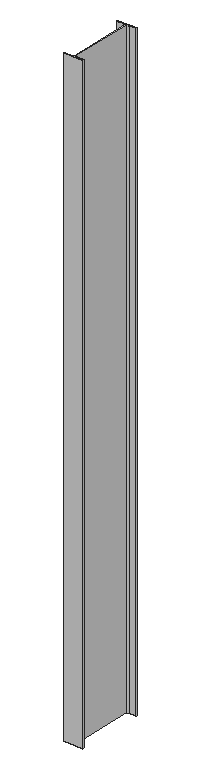
Revit family "0575a59de7e8445c907cd464a6fd784a", category Structural Columns, Revit 2021
Family settings
  Section Shape = I-shape Parallel Flange
  Material for Model Behavior = Steel
  Always export as geometry = No
  Beam cutback in plan = From bounding box
  Family Name Key = M Shapes-Column
  Code Name = AISC 14.1
  OmniClass Number = 23.25.30.11.14.11
  OmniClass Title = Columns
  Seek Item ID = M Shapes-Column-0000-USA-ENU
  Cut with Voids When Loaded = No
  Symbolic Representation = From Project Settings
  Shared = No
  Show family pre-cut in plan views = Yes
Parameters (values of type "M12X10.0")
  Width = 0' - 3 1/4"
  Web Thickness = 0' - 0.149"
  Web Fillet = 0' - 0.32"
  Warping Constant = 35.90 in⁶
  Torsional Moment of Inertia = 0.0292 in⁴
  Structural Material [instance] = Steel ASTM A36
  Section Name Key = ""
  Section Area = 2.950 in²
  Principal Axes Angle = 0.00°
  Plastic Modulus weak axis = 1.020 in³
  Plastic Modulus strong axis = 12.200 in³
  Nominal Weight = 10.00 lbf/ft
  Moment of Inertia weak axis = 1.0300 in⁴
  Moment of Inertia strong axis = 61.7000 in⁴
  Height = 0' - 11.79"
  Flange Thickness = 0' - 0.18"
  Elastic Modulus weak axis = 0.636 in³
  Elastic Modulus strong axis = 10.300 in³
  Centroid Vertical = Height / 2  # 5.895"
  Centroid Horizontal = Width / 2  # 1.625"
  Bolt Spacing = 0' - 0"
  Assembly Code = "B10"
Reference planes (in)
  plane 1: y = 0
  plane 2: z = 0
  plane 3: x = 0
  plane 4: x = -1.625
  plane 5: x = 1.625
  plane 6: y = 5.895
  plane 7: y = -5.895
  plane 8: x = -0.0745
  plane 9: x = 0.0745
  plane 10: y = 5.715
  plane 11: y = -5.715
Forms (in)
  Extrusion 1, solid, material "Steel ASTM A36" <- "Structural Material", detail levels medium
    sketch origin (0, 0, 0) x (1, 0, 0) y (0, 1, 0)
      loop
        line (-1.625, 5.895) -> (-1.625, 5.715) -> (-0.0745, 5.715) -> (-0.0745, -5.715) -> (-1.625, -5.715) -> (-1.625, -5.895) -> (1.625, -5.895) -> (1.625, -5.715) -> (0.0745, -5.715) -> (0.0745, 5.715) -> (1.625, 5.715) -> (1.625, 5.895) -> (-1.625, 5.895)
    from 0 to 108
  Extrusion 2, solid, material "Steel ASTM A36" <- "Structural Material", detail levels fine
    sketch origin (0, 0, 0) x (1, 0, 0) y (0, 1, 0)
      loop
        line (-1.625, 5.895) -> (-1.625, 5.715) -> (-0.3945, 5.715)
        arc (-0.3945, 5.715) -> (-0.16823, 5.62127) -> (-0.0745, 5.395) r 0.32
        line (-0.0745, 5.395) -> (-0.0745, -5.395)
        arc (-0.0745, -5.395) -> (-0.16823, -5.62127) -> (-0.3945, -5.715) r 0.32
        line (-0.3945, -5.715) -> (-1.625, -5.715) -> (-1.625, -5.895) -> (1.625, -5.895) -> (1.625, -5.715) -> (0.3945, -5.715)
        arc (0.3945, -5.715) -> (0.16823, -5.62127) -> (0.0745, -5.395) r 0.32
        line (0.0745, -5.395) -> (0.0745, 5.395)
        arc (0.0745, 5.395) -> (0.16823, 5.62127) -> (0.3945, 5.715) r 0.32
        line (0.3945, 5.715) -> (1.625, 5.715) -> (1.625, 5.895) -> (-1.625, 5.895)
    from 0 to 108
Lines and regions (in)
  symbolic lines, style "StructuralColumnStickSymbols", detail levels coarse
    curve 1: line (-1.625, 5.895, 0) -> (1.625, 5.895, 0)
    curve 2: line (-1.625, -5.895, 0) -> (1.625, -5.895, 0)
    curve 3: line (0, 5.895, 0) -> (0, -5.895, 0)
  symbolic lines, style "Hidden Faces", detail levels medium+fine
    curve 4: line (-0.0745, 0, 0) -> (-0.0745, 0, 108)
    curve 5: line (0.0745, 0, 108) -> (0.0745, 0, 0)
Dimensions and locks (in)
  equal spacing: plane 4, plane 3, plane 5
  equal spacing: plane 7, plane 1, plane 6
  "Height": plane 7 to plane 6
  "Width": plane 4 to plane 5
  "Flange Thickness": plane 10 to plane 6
  "Flange Thickness": plane 7 to plane 11
  equal spacing: plane 8, plane 3, plane 9
  "Web Thickness": plane 8 to plane 9
  "Web Fillet": radius of Extrusion 2 sketch curve  (x4)
  aligned and locked: plane 6 to Extrusion 1 sketch curve
  aligned and locked: Extrusion 1 sketch curve to plane 7
  aligned and locked: Extrusion 1 sketch curve to plane 4  (x2)
  aligned and locked: plane 5 to Extrusion 1 sketch curve  (x2)
  aligned and locked: Extrusion 1 sketch curve to Extrusion 1 sketch curve  (x2)
  aligned and locked: level to Extrusion 1
  aligned and locked: level to plane 2
  aligned and locked: Extrusion 1 to plane 2
  aligned and locked: plane 6 to Extrusion 2 sketch curve
  aligned and locked: plane 5 to Extrusion 2 sketch curve  (x2)
  aligned and locked: Extrusion 2 sketch curve to plane 4  (x2)
  aligned and locked: Extrusion 2 sketch curve to plane 7
  aligned and locked: level to Extrusion 2
  aligned and locked: Extrusion 2 to level
  aligned and locked: Extrusion 1 sketch curve to plane 11
  aligned and locked: plane 10 to Extrusion 1 sketch curve
  aligned and locked: plane 10 to Extrusion 2 sketch curve  (x2)
  aligned and locked: Extrusion 2 sketch curve to plane 11  (x2)
  aligned and locked: curve 3 to plane 3
  aligned and locked: Extrusion 2 sketch curve to plane 9
  aligned and locked: plane 8 to Extrusion 2 sketch curve
  aligned and locked: Extrusion 1 sketch curve to plane 9
  aligned and locked: Extrusion 1 sketch curve to plane 8
  aligned and locked: plane 6 to curve 1
  aligned and locked: plane 4 to curve 1
  aligned and locked: plane 5 to curve 1
  aligned and locked: plane 7 to curve 2
  aligned and locked: plane 4 to curve 2
  aligned and locked: plane 5 to curve 2
  aligned and locked: curve 5 to plane 9
  aligned and locked: plane 8 to curve 4
  aligned and locked: level to curve 4  (x2)
  aligned and locked: level to curve 5  (x2)
